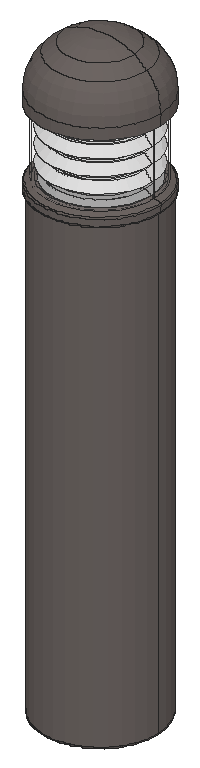
Revit family "BLD2", category Lighting Fixtures, Revit 2018
Family settings
  Round Connector Dimension = Use Diameter
  Part Type = Normal
  OmniClass Number = 23.80.70.00
  OmniClass Title = Lighting
  Work Plane-Based = No
  Always vertical = Yes
  Cut with Voids When Loaded = No
  Light Source = Yes
  Shared = No
  Room Calculation Point = No
Parameters (values of type "BLD2")
  voltge = 277 V
  bld shade = bld shade
  bld sand blast = bld sand blast
  bld = bld
  Wattage = 25 W
  built-in parameter 1150110 = 1 (stored number, unit not read)
  built-in parameter 1114217 = 1 (stored number, unit not read)
  built-in parameter 1150109 = 1 (stored number, unit not read)
  built-in parameter 1150134 = (empty or 0)
  built-in parameter 1150113 = 1 (stored number, unit not read)
  Lumens = 3713.55 lm
  built-in parameter 1150115 = 1 (stored number, unit not read)
  built-in parameter 1150105 = 295.51 (stored number, unit not read)
  Light Source Symbol Size = 609.6 mm
  built-in parameter 1150137 = (empty or 0)
  built-in parameter 1150139 = (empty or 0)
  built-in parameter 1150112 = 1 (stored number, unit not read)
  built-in parameter 1150114 = 1 (stored number, unit not read)
  built-in parameter 1150132 = 2
  built-in parameter 1150102 = (empty or 0)
  built-in parameter 1150138 = (empty or 0)
  built-in parameter 1150107 = 3000 (stored number, unit not read)
  built-in parameter 1150106 = 2.9551 (stored number, unit not read)
  built-in parameter 1150104 = 13.8 (stored number, unit not read)
  Dimming Lamp Color Temperature Shift = <None>
  Color Filter = 16777215
  built-in parameter 1114218 = 1 (stored number, unit not read)
  BLD REFLECTOR = BLD REFLECTOR
  built-in parameter 1150133 = 10 (stored number, unit not read)
  Apparent Load = 25 VA
Reference planes
  plane 1 "Tilt Plane": y = 0
  plane 2: z = 0
  plane 3 "Light Source Axis (L/R)": x = 0
  plane 4 "Light Source Elevation": z = 914.4
Text (mm)
  text "0 Tilt Angle" at (809.978, -4572, 1586.413), in view "Front"
  text "270" at (-331.585, -4572, 2488.248), in view "Front"
  text "180" at (-1130.68, -4572, 1586.413), in view "Front"
  text "90" at (-320.169, -4572, 456.265), in view "Front"
  text "0 Tilt Angle" at (1952.354, 4572, 1542.98), in view "Back"
  text "180" at (-876.627, 4572, 1524.796), in view "Back"
  text "270" at (367.014, 4572, 2698.908), in view "Back"
  text "90" at (304.215, 4572, 666.926), in view "Back"
Dimensions and locks
  aligned and locked: plane 3 "Light Source Axis (L/R)" to imposter light
  aligned and locked: plane 1 "Tilt Plane" to imposter light
  aligned and locked: plane 4 "Light Source Elevation" to imposter light
  aligned and locked: plane 2 to level
Nested families
  nested 1: "BLD" at (0, 0, 0), type "BLD"
Connectors
  electrical at (0, 0, 838.203), driven by "voltge", driven by "Apparent Load"
    settings: on nested 1, index 1, voltage 277 V, apparent load 0 VA, apparent load phase1 25 VA, apparent load phase2 0 VA, apparent load phase3 0 VA, power factor 1, load classification "Other", number of poles 1, system type 31, power factor state 1, is connector primary yes, connector utility no, sub classification motor no, connector description ""
Definition of nested family "BLD"
  Parameters (values of type "BLD")
    bld shade = none
    bld sand blast = none
    bld = none
    BLD REFLECTOR = none
  Reference planes
    plane 1 "Center (Front/Back)": y = 0
    plane 2: z = 0
    plane 3 "Center (Left/Right)": x = 0
  Forms (mm)
    Revolve 1, solid, material <- "bld"
      sketch origin (0, 0, 0) x (1, 0, 0) y (0, 0, 1)
        loop
          line (-90.395, 841.342) -> (-104.918, 834.57)
          arc (-104.918, 834.57) -> (-106.071, 833.559) -> (-106.5, 832.087) r 2.739
          line (-106.5, 832.087) -> (-106.5, 821.198)
          arc (-106.5, 821.198) -> (-106.173, 820.409) -> (-105.384, 820.082) r 1.116
          line (-105.384, 820.082) -> (-101.5, 820.082) -> (-101.5, 2.698)
          arc (-101.5, 2.698) -> (-100.71, 0.79) -> (-98.802, 0) r 2.698
          line (-98.802, 0) -> (0, 0) -> (0, 10.082) -> (-80.395, 10.082) -> (-80.395, 820.082) -> (-80.395, 841.342) -> (-90.395, 841.342)
        loop
          line (-106.5, 956.8) -> (-79.5, 956.8) -> (-79.5, 961.8) -> (-104.5, 961.8) -> (-104.5, 975.865)
          arc (-104.5, 975.865) -> (-98.123, 1006.753) -> (-80.036, 1032.591) r 78
          arc (-80.036, 1032.591) -> (-69.667, 1041.488) -> (-58.504, 1049.365) r 144.406
          arc (-58.504, 1049.365) -> (-30.455, 1061.641) -> (0, 1064.797) r 99.397
          line (0, 1064.797) -> (0, 1066.8)
          arc (0, 1066.8) -> (-31.015, 1063.562) -> (-59.578, 1051.052) r 101.397
          arc (-59.578, 1051.052) -> (-70.896, 1043.066) -> (-81.408, 1034.046) r 146.406
          arc (-81.408, 1034.046) -> (-99.96, 1007.545) -> (-106.5, 975.865) r 80
          line (-106.5, 975.865) -> (-106.5, 956.8)
        axis (0, 1066.8) -> (0, 0)
      angle from 0 to 360
    Revolve 2, solid, material <- "BLD REFLECTOR"
      sketch origin (0, 0, 0) x (1, 0, 0) y (0, 0, 1)
        loop
          line (-77.057, 932.715) -> (-90.807, 918.965) -> (-87.978, 918.965) -> (-75.466, 931.476) -> (-69.228, 931.476) -> (-69.228, 932.715) -> (-74.228, 932.715) -> (-77.057, 932.715)
        loop
          line (-77.057, 904.715) -> (-90.807, 890.965) -> (-87.978, 890.965) -> (-75.466, 903.476) -> (-69.228, 903.476) -> (-69.228, 904.715) -> (-74.228, 904.715) -> (-77.057, 904.715)
        loop
          line (-77.057, 876.715) -> (-90.807, 862.965) -> (-87.978, 862.965) -> (-75.466, 875.476) -> (-69.228, 875.476) -> (-69.228, 876.715) -> (-74.228, 876.715) -> (-77.057, 876.715)
        loop
          line (-77.057, 960.715) -> (-90.807, 946.965) -> (-87.978, 946.965) -> (-75.466, 959.476) -> (-69.228, 959.476) -> (-69.228, 960.715) -> (-74.228, 960.715) -> (-77.057, 960.715)
        loop
          line (0, 964.453) -> (0, 969.453) -> (-100, 969.453) -> (-100, 964.453) -> (-92.774, 964.453) -> (-92.774, 966.518) -> (-5, 966.518) -> (-5, 964.453) -> (0, 964.453)
        axis (0, 862.965) -> (0, 969.453)
      angle from 0 to 360
    Revolve 3, solid, material <- "bld shade"
      sketch origin (0, 0, 0) x (1, 0, 0) y (0, 0, 1)
        loop
          line (-96.164, 838.203) -> (-93.957, 838.203) -> (-93.957, 968.203) -> (-96.164, 968.203) -> (-96.164, 838.203)
        axis (0, 838.203) -> (0, 968.203)
      angle from 0 to 360
    Revolve 4, solid, material <- "BLD REFLECTOR"
      sketch origin (0, 0, 0) x (1, 0, 0) y (0, 0, 1)
        loop
          line (70, 985.205) -> (63.125, 985.205) -> (63.125, 810.205) -> (70, 810.205) -> (70, 985.205)
        axis (63.125, 810.205) -> (63.125, 985.205)
      angle from 0 to 360
    Revolve 5, solid, material <- "BLD REFLECTOR"
      sketch origin (0, 0, 0) x (-0.5, -0.866025, 0) y (0, 0, 1)
        loop
          line (70, 985.205) -> (63.125, 985.205) -> (63.125, 810.205) -> (70, 810.205) -> (70, 985.205)
        axis (63.125, 810.205) -> (63.125, 985.205)
      angle from 0 to 360
    Revolve 6, solid, material <- "BLD REFLECTOR"
      sketch origin (0, 0, 0) x (-0.5, 0.866025, 0) y (0, 0, 1)
        loop
          line (70, 985.205) -> (63.125, 985.205) -> (63.125, 810.205) -> (70, 810.205) -> (70, 985.205)
        axis (63.125, 810.205) -> (63.125, 985.205)
      angle from 0 to 360
    Revolve 7, solid, material <- "bld sand blast"
      sketch origin (0, 0, 0) x (1, 0, 0) y (0, 0, 1)
        loop
          line (-70, 848.715) -> (-80, 848.715) -> (-87.886, 840.829) -> (0, 840.829) -> (0, 848.715) -> (-5, 848.715) -> (-9.703, 845.421) -> (-70, 845.421) -> (-70, 848.715)
        axis (0, 840.829) -> (0, 848.715)
      angle from 0 to 360
  Lines and regions (mm)
    model lines
      curve 1: line (0, 0, 985.205) -> (70, 0, 985.205)
  Dimensions and locks
    aligned and locked: plane 2 to level
